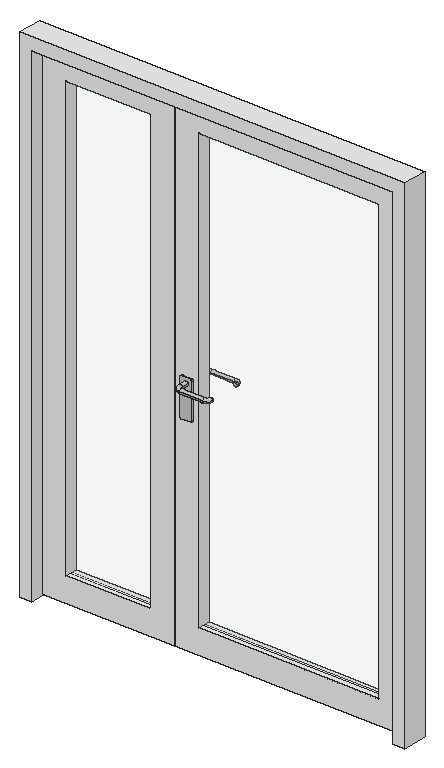
Revit family "Double Glass Uneven", category Doors, host Wall, Revit 2015
Parameters (values of type "10+6x21M")
  c = Thickness / 2  # 25 mm
  Width Side Panel = 600 mm
  Wall Thickness [instance] = 150 mm
  URL = "www.cad-q.no"
  Thickness = 50 mm
  Rail Width = 100 mm
  Module Width Side Panel = Width Side Panel / 100 mm  # 6
  Module Width = Rough Width / 100 mm  # 16
  Module Height = Rough Height / 100 mm  # 21
  Material Glass = none
  Gap Side [instance] = 10 mm
  Gap Top [instance] = 20 mm
  Threshold [instance] = no
  Rough Width = 1590 mm
  Rough Height = 2090 mm
  Model = ""
  Material Threshold = Wood
  Material Panel = none
  Material Frame = none
  Offset [instance] = 0 mm
  Height [instance] = Rough Height + Gap Top  # 2110 mm
  Wall Closure = By host
  Width [instance] = Rough Width + Gap Side * 2  # 1610 mm
  Function = Interior
  Frame Width = 50 mm
  Frame Depth = 100 mm
  Fire Rating = "-"
  DoorBasalOpening = "V"
  Door Handle [instance] = Stainless Steel : Stainless Steel
  Construction Type = ""
  Analytic Construction = "<None>"
Reference planes
  plane 1: y = -10
  plane 2 "Side Panel": x = -195
  plane 3 "Left": x = -795
  plane 4 "Right": x = 795
  plane 5: z = 2090
  plane 6 "Exterior": y = 65
  plane 7 "Interior": y = -85
  plane 8: x = -805
  plane 9: x = 805
  plane 10 "Offset": y = 65
  plane 11: z = 2110
  plane 12: z = 1045
  plane 13: x = -145
  plane 14: x = -805
  plane 15: x = 805
  plane 16: y = -35
  plane 17: z = 2110
  plane 18: y = 40
  plane 19 "Center (Left/Right)": x = 0
Forms (mm)
  Sweep 1, solid, material <- "Material Frame"
    path origin (0, 65, 0) x (-1, 0, 0) y (0, 0, 1)
      loop
        line (795, 0) -> (795, 2090) -> (-795, 2090) -> (-795, 0)
    profile origin (795, 65, 1045) x (0, 1, 0) y (-1, 0, 0)
      loop
        line (0, 0) -> (0, 50) -> (-100, 50) -> (-100, 0) -> (0, 0)
  Sweep 2, solid, material "Wood" <- "Material Threshold", visible <- "Threshold"
    path origin (0, 65, 0) x (-1, 0, 0) y (0, 0, 1)
      loop
        line (-745, 0) -> (745, 0)
    profile origin (0, 65, 0) x (0, 0, 1) y (0, 1, 0)
      loop
        line (0, 0) -> (0, -100) -> (10, -100) -> (10, 0) -> (0, 0)
  Extrusion 3, solid, material <- "Material Panel"
    sketch origin (0, 65, 0) x (-1, 0, 0) y (0, 0, 1)
      loop
        line (-745, 10) -> (195, 10) -> (195, 2040) -> (-745, 2040) -> (-745, 10)
      loop
        line (-645, 110) -> (95, 110) -> (95, 1940) -> (-645, 1940) -> (-645, 110)
    from 0 to -50
  Extrusion 4, solid, material <- "Material Panel"
    sketch origin (0, 65, 0) x (-1, 0, 0) y (0, 0, 1)
      loop
        line (745, 10) -> (745, 2040) -> (195, 2040) -> (195, 10) -> (745, 10)
      loop
        line (295, 110) -> (645, 110) -> (645, 1940) -> (295, 1940) -> (295, 110)
    from 0 to -50
  Extrusion 5, solid, material <- "Material Glass"
    sketch origin (0, 65, 0) x (-1, 0, 0) y (0, 0, 1)
      loop
        line (-645, 1940) -> (-645, 110) -> (95, 110) -> (95, 1940) -> (-645, 1940)
    from -30 to -20
  Extrusion 6, solid, material <- "Material Glass"
    sketch origin (0, 65, 0) x (-1, 0, 0) y (0, 0, 1)
      loop
        line (295, 110) -> (645, 110) -> (645, 1940) -> (295, 1940) -> (295, 110)
    from -30 to -20
Lines and regions (mm)
  Opening 1
    outline origin (-3050, -85, 0) x (1, 0, 0) y (0, 0, 1)
      loop
        line (2245, 0) -> (3855, 0) -> (3855, 2110) -> (2245, 2110) -> (2245, 0)
  symbolic lines, style "Plan Swing", detail levels medium+fine
    curve 1: line (-745, 65, 0) -> (-745, 615, 0)
    curve 2: arc (-195, 65, 0) -> (-356.091, 453.909, 0) -> (-745, 615, 0) r 550
    curve 3: line (745, 65, 0) -> (745, 1005, 0)
    curve 4: arc (-195, 65, 0) -> (80.32, 729.68, 0) -> (745, 1005, 0) r 940
  symbolic lines, style "Plan Swing", detail levels coarse
    curve 5: line (-805, 65, 0) -> (-805, 675, 0)
    curve 6: arc (-195, 65, 0) -> (-373.665, 496.335, 0) -> (-805, 675, 0) r 610
    curve 7: line (805, 65, 0) -> (805, 1065, 0)
    curve 8: arc (-195, 65, 0) -> (97.893, 772.107, 0) -> (805, 1065, 0) r 1000
  symbolic lines, style "DoorsFrameMullionProjection", detail levels medium
    curve 9: line (-805, 65, 0) -> (-745, 65, 0)
    curve 11: line (-745, -35, 0) -> (-805, -35, 0)
    curve 15: line (805, 65, 0) -> (745, 65, 0)
    curve 17: line (745, -35, 0) -> (805, -35, 0)
  symbolic lines, style "DoorsFrameMullionProjection", detail levels medium+fine
    curve 10: line (-745, 65, 0) -> (-745, -35, 0)
    curve 16: line (745, 65, 0) -> (745, -35, 0)
  symbolic lines, style "DoorsFrameMullionProjection", detail levels fine
    curve 12: line (-745, 65, 0) -> (-795, 65, 0)
    curve 13: line (-795, 65, 0) -> (-795, -35, 0)
    curve 14: line (-795, -35, 0) -> (-745, -35, 0)
    curve 18: line (745, 65, 0) -> (795, 65, 0)
    curve 19: line (795, 65, 0) -> (795, -35, 0)
    curve 20: line (795, -35, 0) -> (745, -35, 0)
  symbolic lines, style "DoorsFrameMullionProjection", visible <- "Threshold", detail levels medium+fine
    curve 21: line (-745, -35, 0) -> (745, -35, 0)
    curve 22: line (-745, 65, 0) -> (745, 65, 0)
  symbolic lines, style "Elevation Swing", detail levels medium+fine
    curve 23: line (795, 65, 2090) -> (-195, 65, 1045)
    curve 24: line (-195, 65, 1045) -> (795, 65, 0)
    curve 25: line (-795, 65, 2090) -> (-195, 65, 1045)
    curve 26: line (-195, 65, 1045) -> (-795, 65, 0)
Text (mm)
  text "Exterior" at (-2295.016, 1099.543, 0), in view "Ref. Level"
  text "Exterior" at (0, 1615.38, 3698.081), in view "Left"
  text "Exterior" at (0, 1036.032, 3874.932), in view "Right"
Dimensions and locks
  "Width Side Panel": plane 3 "Left" to plane 2 "Side Panel"
  "Rough Width": plane 3 "Left" to plane 4 "Right"
  "Rough Height": plane 5 to host wall
  locked: plane 6 "Exterior" to host wall at 0
  locked: plane 7 "Interior" to host wall
  "Gap Side": plane 4 "Right" to plane 9
  "Gap Side": plane 8 to plane 3 "Left"
  "Gap Top": plane 5 to plane 11
  "Offset": plane 6 "Exterior" to plane 10 "Offset"
  locked: Sweep 2 sketch curve to Sweep 2 sketch curve at 10
  equal spacing: level, plane 12, plane 5
  locked: plane 13 to plane 2 "Side Panel" at 50
  "Frame Depth": plane 10 "Offset" to plane 16
  "Frame Width": Sweep 1 sketch curve to plane 4 "Right"
  "Wall Thickness": host wall to host wall
  "Thickness": plane 10 "Offset" to Extrusion 4
  "Thickness": plane 10 "Offset" to Extrusion 3
  "Rail Width": Extrusion 3 to Extrusion 3  (x3)
  "Rail Width": Extrusion 3 to plane 2 "Side Panel"
  "Rail Width": plane 2 "Side Panel" to Extrusion 4
  "Rail Width": Extrusion 4 to Extrusion 4  (x3)
  "c": plane 10 "Offset" to plane 18
  equal spacing: Extrusion 6, plane 18, Extrusion 6
  locked: Extrusion 6 to Extrusion 6 at 10
  equal spacing: Extrusion 5, plane 18, Extrusion 5
  locked: Extrusion 5 to Extrusion 5 at 10
  equal spacing: plane 9, plane 19 "Center (Left/Right)", plane 8
  aligned and locked: Opening 1 sketch curve to level
  aligned and locked: plane 1 to host wall
  aligned and locked: Opening 1 sketch curve to plane 9
  aligned and locked: plane 11 to Opening 1 sketch curve
  aligned and locked: Opening 1 sketch curve to plane 8
  aligned and locked: Sweep 2 sketch curve to Sweep 1
  aligned and locked: profile plane to Sweep 2 sketch curve
  aligned and locked: Sweep 1 sketch curve to plane 10 "Offset"
  aligned and locked: Sweep 1 to Extrusion 3 sketch curve
  aligned and locked: Extrusion 3 sketch curve to Sweep 1
  aligned and locked: Extrusion 3 sketch curve to plane 2 "Side Panel"
  aligned and locked: Sweep 2 to Extrusion 3 sketch curve
  aligned and locked: Extrusion 4 sketch curve to Sweep 2
  aligned and locked: Extrusion 4 sketch curve to plane 2 "Side Panel"
  aligned and locked: Sweep 1 to Extrusion 4 sketch curve
  aligned and locked: Extrusion 4 sketch curve to Sweep 1
  aligned and locked: curve 9 to plane 10 "Offset"
  aligned and locked: curve 10 to Sweep 1
  aligned and locked: plane 10 "Offset" to curve 12
  aligned and locked: plane 3 "Left" to curve 13
  aligned and locked: Sweep 1 to curve 16
  aligned and locked: plane 10 "Offset" to curve 15
  aligned and locked: curve 18 to plane 10 "Offset"
  aligned and locked: plane 4 "Right" to curve 19
  aligned and locked: plane 8 to plane 14
  aligned and locked: plane 9 to plane 15
  aligned and locked: plane 16 to Sweep 1 sketch curve
  aligned and locked: Sweep 2 sketch curve to plane 16
  aligned and locked: plane 17 to plane 11
  aligned and locked: nested 1 to plane 13
  aligned and locked: nested 2 to plane 10 "Offset"
  aligned and locked: Extrusion 3 to nested 1
  aligned and locked: plane 13 to nested 2
  aligned and locked: Extrusion 5 sketch curve to Extrusion 3  (x4)
  aligned and locked: Extrusion 6 sketch curve to Extrusion 4  (x2)
  aligned and locked: Extrusion 4 to Extrusion 6 sketch curve  (x2)
Automatic sketch dimensions
  Sweep 1 sketch curve to level = 0 mm  (x2)
  Sweep 1 sketch curve to plane 4 "Right" = 0 mm
  Sweep 1 sketch curve to plane 3 "Left" = 0 mm
  Sweep 1 sketch curve to plane 5 = 0 mm
  Sweep 1 sketch curve to profile plane = 0 mm
  Sweep 2 sketch curve to level = 0 mm
  Sweep 2 sketch curve to plane 3 "Left" = 50 mm
  Sweep 2 sketch curve to profile plane = 0 mm
  curve 5 to plane 8 = 0 mm
  curve 11 to plane 8 = 0 mm
  curve 8 to plane 2 "Side Panel" = 0 mm
  curve 6 to plane 2 "Side Panel" = 0 mm
  curve 4 to plane 2 "Side Panel" = 0 mm
  curve 2 to plane 2 "Side Panel" = 0 mm
  curve 17 to plane 9 = 0 mm
  curve 7 to plane 9 = 0 mm
  curve 19 to plane 16 = 0 mm
  curve 24 to level = 0 mm
  plane 4 "Right" to curve 24 = 0 mm
  plane 4 "Right" to curve 23 = 0 mm
  curve 24 to plane 2 "Side Panel" = 0 mm
  curve 26 to level = 0 mm
  plane 3 "Left" to curve 26 = 0 mm
  plane 3 "Left" to curve 25 = 0 mm
  curve 24 to plane 12 = 0 mm
  curve 25 to plane 5 = 0 mm
  curve 23 to plane 5 = 0 mm
  Extrusion 3 sketch curve to Extrusion 3 sketch curve = 100 mm  (x2)
  Extrusion 3 sketch curve to plane 13 = 50 mm
  level to Extrusion 3 sketch curve = 110 mm
  Extrusion 4 sketch curve to plane 2 "Side Panel" = 100 mm
  Extrusion 4 sketch curve to Extrusion 4 sketch curve = 100 mm  (x2)
  level to Extrusion 4 sketch curve = 110 mm
Nested families
  nested 1: "Stainless Steel" at (-145, 15, 1000), type <- "Door Handle", type "Stainless Steel"
  nested 2: "Stainless Steel" at (-145, 65, 1000), type <- "Door Handle", type "Stainless Steel"
Definition of nested family "Stainless Steel"
  Parameters
    Assembly Code = ""
  Reference planes
    plane 1 "Center (Front/Back)": y = 0
    plane 2: z = 0
    plane 3 "Center (Left/Right)": x = 0
  Forms (mm)
    Extrusion 1, solid, detail levels medium+fine
      sketch origin (0, 0, 0) x (1, 0, 0) y (0, 0, 1)
        loop
          arc (-18, 22) -> (-22.95, 19.95) -> (-25, 15) r 7
          line (-25, 15) -> (-25, -130.014)
          arc (-25, -130.014) -> (-22.95, -134.963) -> (-18, -137.014) r 7
          line (-18, -137.014) -> (18, -137.014)
          arc (18, -137.014) -> (22.95, -134.963) -> (25, -130.014) r 7
          line (25, -130.014) -> (25, 15)
          arc (25, 15) -> (22.95, 19.95) -> (18, 22) r 7
          line (18, 22) -> (-18, 22)
      from 0 to 5.6
    Sweep 2, solid, detail levels medium+fine
      path origin (0, 0, 0) x (1, 0, 0) y (0, 1, 0)
        loop
          line (0, -5.608) -> (0, -35.608)
          arc (0, -35.608) -> (5.858, -49.75) -> (20, -55.608) r 20
          line (20, -55.608) -> (116.25, -55.608)
          arc (116.25, -55.608) -> (125.973, -51.58) -> (130, -41.858) r 13.75
          line (130, -41.858) -> (130, -38.476)
      profile origin (0, -20.608, 0) x (1, 0, 0) y (0, 0, 1)
        loop
          circle (0, 0) r 7.5
